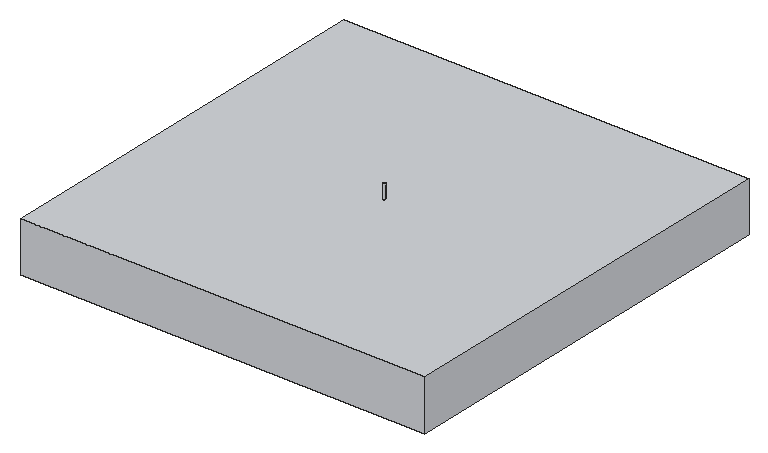
Revit family "M_Sprinkler - Parede lateral horizontal - Hospedado", category Sprinklers, Revit 2019
Family settings
  Hospedeiro = Face
  Manter orientação da anotação = Sim
  Cota do conector redondo = Usar raio
  Tipo de parte = Normal
  Número OmniClass = 23.65.70.17.11.24
  Título OmniClass = Fire Fighting Sprinkler Heads
  ID de item do Seek = Sprinkler - Horizontal Sidewall - Hosted-0000-CAN-ENU
  Corte com vazios quando carregada = Não
  Compartilhado = Não
  Ponto de cálculo do ambiente = Não
Parameters (values of type "Parede lateral horizontal de 15 mm")
  Classificação de temperatura = 57 °C
  Resposta = Padrão
  Queda de pressão [instance] = 48300.0 Pa
  Classe de pressão = Padrão
  Tamanho do orifício = 13 mm
  Orifício = Padrão
  Fator-K = 81
  Fluxo [instance] = 2.0 L/s
  Diâmetro do escudete = Diâmetro nominal  # 15 mm
  Cobertura = Padrão
  Diâmetro nominal = Raio nominal * 2  # 15 mm
  Raio nominal = 7.5 mm
  Raio do escudete = 0.5 * Diâmetro do escudete  # 7.5 mm
  Protrusão = Comprimento total - CEL  # 82 mm
  Comprimento total = 89 mm
  Espessura do escudete = 3 mm
  Elevação-padrão = 2400 mm
  CEL = 7 mm
  Assembly Code = ""
Types (2, lengths in mm): name | Queda de pressão | Tamanho do orifício | Fator-K | Fluxo | Diâmetro do escudete | Diâmetro nominal | Raio nominal | Raio do escudete | Protrusão | Comprimento total | CEL
  Parede lateral horizontal de 15 mm | 48300.0 Pa | 13 | 81 | 2.0 L/s | 15 | 15 | 7.5 | 7.5 | 82 | 89 | 7
  Parede lateral horizontal de 20 mm | 96500.0 Pa | 14 | 115 | 3.0 L/s | 20 | 20 | 10 | 10 | 65 | 75 | 10
Reference planes
  plane 1 "Centro (Frente/Trás)": y = 0
  plane 2: z = 0
  plane 3 "Centro (Esquerda/Direita)": x = 0
  plane 4: z = -7
  plane 5: z = 3
  plane 6: z = 82
  plane 7: z = 0
Forms (mm)
  Extrusion 1, solid
    sketch origin (0, 0, 0) x (1, 0, 0) y (0, 1, 0)
      loop
        line (-1219.2, 1219.2) -> (-1219.2, -1219.2) -> (1219.2, -1219.2) -> (1219.2, 1219.2) -> (-1219.2, 1219.2)
    from 0 to -304.8
  Extrusion 2, solid
    sketch origin (0, 0, 0) x (1, 0, 0) y (0, 1, 0)
      loop
        circle (0, 0) r 7.5
    from 0 to 82
  Extrusion 3, solid
    sketch origin (0, 0, 0) x (1, 0, 0) y (0, 1, 0)
      loop
        circle (0, 0) r 7.5
    from 0 to 3
Cuts and joins
  joined: Extrusion 2, Extrusion 3
Dimensions and locks
  "Espessura do escudete": plane 5 to level
  "Protrusão": plane 6 to level
  "Comprimento total": plane 6 to plane 4
  "CEL": plane 7 to plane 4
  "Raio nominal": radius of Extrusion 2 sketch curve
  "Raio do escudete": radius of Extrusion 3 sketch curve
  aligned and locked: plane 2 to Extrusion 1
  aligned and locked: level to Extrusion 1
  aligned and locked: Extrusion 3 to level
  aligned and locked: plane 5 to Extrusion 3
  aligned and locked: plane 6 to Extrusion 2
  aligned and locked: Extrusion 2 to plane 7
Automatic sketch dimensions
  Extrusion 2 sketch curve to plane 1 "Centro (Frente/Trás)" = 0 mm
  Extrusion 2 sketch curve to plane 3 "Centro (Esquerda/Direita)" = 0 mm
  Extrusion 3 sketch curve to plane 1 "Centro (Frente/Trás)" = 0 mm
  Extrusion 3 sketch curve to plane 3 "Centro (Esquerda/Direita)" = 0 mm
  Extrusion 1 sketch curve to Extrusion 1 sketch curve = 2438.4 mm  (x2)
Nested families
  nested 1: "M_Sprinkler - Símbolo - Parede lateral horizontal" at (0, 0, 0), type "Sprinkler - Símbolo - Parede lateral horizontal"
Connectors
  piping at (0, 0, 0), diameter 15, driven by "Fluxo", driven by "Raio nominal", driven by "Queda de pressão"
    settings: on cut or joined group of Extrusion 2, Extrusion 3, index 1, connector inside diameter 15 mm, connector length 0 mm, flow factor 0, pipe flow 2.0 L/s, pressure drop 48300.0 Pa, fitting loss kfactor 0, connector angle 0.00°, fixture units 0, engagement length 0 mm, angle of deflection 0.00°, flow configuration 1, flow direction 1, fitting loss method 4, system type 23, joint type 0, gender type 0, connector reference index -1, connector utility 0, adjustable connector no, is connector primary yes, connector description "In"
Definition of nested family "M_Sprinkler - Símbolo - Parede lateral horizontal"
  Parameters
    Largura do símbolo = Profundidade do símbolo  # 2 mm
    Meia largura do símbolo = 0.5 * Largura do símbolo  # 1 mm
    Profundidade do símbolo = 2 mm
  Reference planes
    plane 1: y = 0
    plane 2: x = 0
  Lines and regions (mm)
    reference lines
      curve 1: line (-1, 0, 0) -> (-1, 2, 0)
      curve 2: line (-1, 2, 0) -> (1, 2, 0)
      curve 3: line (1, 2, 0) -> (1, 0, 0)
      curve 4: line (-1, 2, 0) -> (0, 0, 0)
      curve 5: line (0, 0, 0) -> (1, 2, 0)
    detail lines
      curve 6: line (-1, 2, 0) -> (1, 2, 0)
      curve 7: line (1, 2, 0) -> (0, 0, 0)
      curve 8: line (-1, 2, 0) -> (0, 0, 0)
  Dimensions and locks
    equal spacing: curve 1, plane 2, curve 3
    "Profundidade do símbolo": plane 1 to curve 2
    "Meia largura do símbolo": curve 1 to plane 2
    aligned and locked: plane 1 to curve 1
    aligned and locked: curve 6 to curve 2
    aligned and locked: curve 1 to curve 6
    aligned and locked: curve 6 to curve 3
    aligned and locked: curve 7 to curve 5
    aligned and locked: curve 2 to curve 7
    aligned and locked: plane 1 to curve 7
  Automatic sketch dimensions
    curve 5 to plane 1 = 0 mm
    curve 4 to plane 2 = 0 mm
    curve 3 to plane 1 = 0 mm
